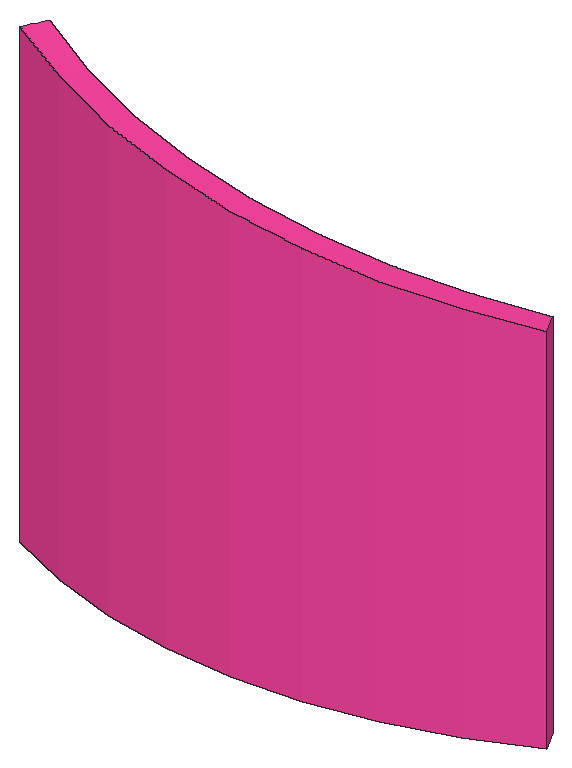
Revit family "EXP_WT-1C_CPan-014", category Curtain Panels, Revit 2021
Family settings
  OmniClass Number = 23.25.20.14.11.11.17
  OmniClass Title = Infill Panels
  Always vertical = Yes
  Cut with Voids When Loaded = Yes
  Shared = No
Parameters (values of type "R = 19'  0"")
  UI-UnitNumber [instance] = "001"
  UI-Quadrant [instance] = "SE"
  UI-ProjectAbbreviation = "NEU"
  UI-ItemCategory = "PID"
  UI-FloorNumber [instance] = "03"
  PNT-WallType = "WT1C"
  PNT-ProjectAbbreviation = "NEU"
  PNT-PanelType [instance] = "01"
  PNT-ItemCategory = "PNL"
  GlassH1 [instance] = MP-F(Glass)
  Description = "Curve"
  Define Thermal Properties by = Schematic Type
  CellSxH [instance] = 12' - 7.11619"
  CellSp = 0' - 10 3/16"
  CellRayIN [instance] = CellRayEX - CellSp  # 18' - 1 13/16"
  CellRayEX = 19' - 0"
  CellLArch [instance] = 17' - 8.30511"
  CellH [instance] = 28' - 0"
  CellDxH [instance] = 15' - 7.11619"
  Analytic Construction = "<None>"
Types (2): name | CellH
  R = 19'  0" | 28' - 0"
  R = 15'  5" | 20' - 11"
Reference planes (in)
  plane 1 "Center (Front/Back)": y = 0
  plane 2: z = 0
  plane 3 "Center (Left/Right)": x = 0
  plane 4 "Left": x = -102
  plane 5 "Right": x = 102
  plane 6 "Top": z = 336
  plane 7: z = 151.11619
  plane 8: z = 187.11619
Forms (in)
  SweptBlend 1, solid, material "MP-F(Glass)" <- "GlassH1"
    path origin (0, 0, 0) x (1, 0, 0) y (0, 1, 0)
      loop
        arc (102, 0) -> (0, -25.35917) -> (-102, 0) r 217.8125
    profile origin (102, 0, 0) x (0.468293, -0.883573, 0) y (0, 0, 1)
      loop
        line (10.1875, 0) -> (10.1875, 151.11619) -> (0, 151.11619) -> (0, 0) -> (10.1875, 0)
    end profile origin (-102, 0, 0) x (-0.468293, -0.883573, 0) y (0, 0, 1)
      loop
        line (10.1875, 0) -> (10.1875, 187.11619) -> (0, 187.11619) -> (0, 0) -> (10.1875, 0)
Lines and regions (in)
  reference lines
    curve 1: line (-102, 0, 0) -> (0, 192.45333, 0)
    curve 2: line (0, 192.45333, 0) -> (102, 0, 0)
    curve 3: line (-102, 0, 0) -> (-72.84208, -15.45366, 0)
    curve 4: line (102, 0, 0) -> (70.19136, -16.85854, 0)
    curve 5: line (102, 0, 151.11619) -> (-102, 0, 187.11619)
  model lines
    curve 6: arc (102, 0, 0) -> (0, -25.35917, 0) -> (-102, 0, 0) r 217.8125
Text (in)
  text "Exterior" at (-92.59733, 55.75508, 0), in view "Ref. Level"
  text "Exterior" at (0, 90.18664, 173.49264), in view "Left"
  text "Exterior" at (0, 52.29083, 162.21847), in view "Right"
Dimensions and locks (in)
  equal spacing: plane 4 "Left", plane 3 "Center (Left/Right)", plane 5 "Right"
  "CellH": plane 2 to plane 6 "Top"
  "CellRayIN": curve 2 to curve 2
  "CellRayIN": curve 1 to curve 1
  "CellSxH": plane 2 to plane 7
  "CellDxH": plane 2 to plane 8
  locked: curve 3 to curve 1 (angle 90.00°)
  locked: curve 2 to curve 4 (angle 90.00°)
  "CellLArch": arc length of curve 6  (x2)
  aligned and locked: level to plane 2
  aligned and locked: SweptBlend 1 sketch curve to curve 6
  aligned and locked: SweptBlend 1 sketch curve to curve 5  (x2)
  aligned and locked: profile plane to SweptBlend 1 sketch curve
  aligned and locked: SweptBlend 1 sketch curve to profile plane
Automatic sketch dimensions
  plane 4 "Left" to curve 5 = 0' - 0"
  plane 5 "Right" to curve 5 = 0' - 0"
  curve 5 to plane 7 = 0' - 0"
  curve 5 to plane 8 = 0' - 0"
  curve 6 to plane 1 "Center (Front/Back)" = 0' - 0"
  curve 6 to plane 4 "Left" = 0' - 0"
  plane 1 "Center (Front/Back)" to curve 6 = 0' - 0"
  curve 6 to plane 3 "Center (Left/Right)" = 0' - 0"
  curve 6 to plane 1 "Center (Front/Back)" = 16' - 0.45333"
  SweptBlend 1 sketch curve to plane 1 "Center (Front/Back)" = 0' - 0"
  plane 1 "Center (Front/Back)" to SweptBlend 1 sketch curve = 0' - 0"
  SweptBlend 1 sketch curve to level = 0' - 0"
  SweptBlend 1 sketch curve to profile plane = 0' - 0"
  SweptBlend 1 sketch curve to profile plane = 0' - 10 3/16"  (x2)
  curve 3 to plane 1 "Center (Front/Back)" = 0' - 0"
  curve 3 to plane 4 "Left" = 0' - 0"
  curve 2 to plane 3 "Center (Left/Right)" = 0' - 0"
  plane 1 "Center (Front/Back)" to curve 4 = 0' - 0"
